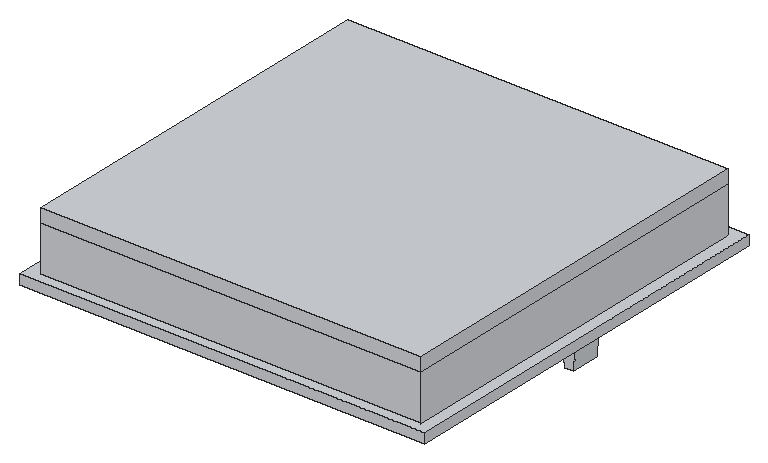
Revit family "Gira_029467", category Electrical Fixtures, host Face, Revit 2017
Family settings
  Host = Face
  Maintain Annotation Orientation = No
  Round Connector Dimension = Use Diameter
  Part Type = Normal
  Cut with Voids When Loaded = No
  Shared = No
  Room Calculation Point = No
Parameters (values of type "Rocker 2-g arrow sym. Gira TX_44 (WP FM) anthra.")
  With exchangeable lens/symbol = "No"
  URL = "http://katalog.gira.de/en/datenblatt.html?artikelnr=029467"
  Suitable for touch sensor connector for bus system = "No"
  Scannable symbol / barrier free = "No"
  Name = "Rocker 2-g arrow sym. Gira TX_44 (WP FM) anthra."
  Monitoring window/light outlet = "No"
  Model = "Two-part rocker"
  Manufacturer URL = "https://www.gira.de/"
  Manufacturer = "Gira"
  Keynote = ""
  HeinzeBIM = "https://bimportal.heinze.de/bim/rocker-2-g-arrow-sym-gira-tx-44-wp-fm-anthra-/c855ce0c9c2f58f4e64fdf1cd37baa500119a944"
  HAN = "029467"
  GTIN = "4010337294672"
  Description = "Rock.2g arrow sym. TX_44 AN,Rocker, 2-gang with arrow symbol,,anthracite,"
  Default Elevation = 1219.2 mm
  Data sheet (1) = "https://katalog.gira.de/en/download.html?artikelnr=029467"
  Category = "Control element/cover plate for domestic switching devices"
  BIM (1) = "https://media.stage.bim.site/public/gira/36a6b08/TX44_Abdeckung_Schalten und Tasten.rfa?public/gira/36a6b08/TX44_Abdeckung_Schalten und Tasten.rfa"
  Available = "No"
Reference planes
  plane 1 "Center (Front/Back)": y = 0
  plane 2: z = 0
  plane 3 "Center (Left/Right)": x = 0
Forms (mm)
  Extrusion 1, solid, detail levels fine
    sketch origin (0, 0, 0) x (1, 0, 0) y (0, 1, 0)
      loop
        line (34.85, 34.85) -> (-34.85, 34.85) -> (-34.85, -34.85) -> (34.85, -34.85) -> (34.85, 34.85)
      loop
        line (-31.45, 31.8) -> (-31.45, -31.8) -> (31.45, -31.8) -> (31.45, 31.8) -> (-31.45, 31.8)
    from 0 to 1.7
  Extrusion 2, solid, detail levels fine
    sketch origin (0, 0, 0) x (1, 0, 0) y (0, 1, 0)
      loop
        line (32.8, 33.05) -> (-32.8, 33.05) -> (-32.8, -33.05) -> (32.8, -33.05) -> (32.8, 33.05)
      loop
        line (-31.45, 31.8) -> (-31.45, -31.8) -> (31.45, -31.8) -> (31.45, 31.8) -> (-31.45, 31.8)
    from 1.566 to 9.515
  Extrusion 3, solid, detail levels fine
    sketch origin (0, 0, 0) x (1, 0, 0) y (0, 1, 0)
      loop
        line (32.8, 33.05) -> (-32.8, 33.05) -> (-32.8, -33.05) -> (32.8, -33.05) -> (32.8, 33.05)
    from 9.515 to 11.816
  Extrusion 4, solid, detail levels fine
    sketch origin (0, 0, 0) x (1, 0, 0) y (0, 0, 1)
      loop
        line (-32.815, 0) -> (-34.827, 0) -> (-34.611, -3.084) -> (-33.031, -3.084) -> (-32.815, 0)
      loop
        line (32.815, 0) -> (33.031, -3.084) -> (34.611, -3.084) -> (34.827, 0) -> (32.815, 0)
    from -2.513 to 2.5
  Extrusion 5, solid, detail levels fine
    sketch origin (0, 0, 0) x (1, 0, 0) y (0, 1, 0)
      loop
        spline (-23.686, 23.152) -> (-23.856, 23.114) -> (-24.022, 23.062) -> (-24.184, 22.995) -> (-24.338, 22.915) -> (-24.486, 22.821) -> (-24.624, 22.715) -> (-24.753, 22.597) -> (-24.87, 22.468) -> (-24.977, 22.33) -> (-25.07, 22.183) -> (-25.151, 22.028) -> (-25.218, 21.867)
        line (-25.218, 21.867) -> (-29.35, 10.513) -> (-29.35, -10.487) -> (-25.218, -21.841)
        spline (-25.218, -21.841) -> (-25.151, -22.002) -> (-25.07, -22.156) -> (-24.977, -22.304) -> (-24.87, -22.442) -> (-24.753, -22.571) -> (-24.624, -22.688) -> (-24.486, -22.795) -> (-24.338, -22.888) -> (-24.184, -22.969) -> (-24.022, -23.036) -> (-23.856, -23.088) -> (-23.686, -23.126)
        line (-23.686, -23.126) -> (0, -27.302) -> (23.686, -23.126)
        spline (23.686, -23.126) -> (23.856, -23.088) -> (24.022, -23.036) -> (24.184, -22.969) -> (24.338, -22.888) -> (24.486, -22.795) -> (24.624, -22.688) -> (24.753, -22.571) -> (24.87, -22.442) -> (24.977, -22.304) -> (25.07, -22.156) -> (25.151, -22.002) -> (25.218, -21.841)
        line (25.218, -21.841) -> (29.35, -10.487) -> (29.35, 10.513) -> (25.218, 21.867)
        spline (25.218, 21.867) -> (25.151, 22.028) -> (25.07, 22.183) -> (24.977, 22.33) -> (24.87, 22.468) -> (24.753, 22.597) -> (24.624, 22.715) -> (24.486, 22.821) -> (24.338, 22.915) -> (24.184, 22.995) -> (24.022, 23.062) -> (23.856, 23.114) -> (23.686, 23.152)
        line (23.686, 23.152) -> (0, 27.328) -> (-23.686, 23.152)
      loop
        line (-24.278, 21.525) -> (-28.35, 10.337) -> (-28.35, -10.311) -> (-24.278, -21.498)
        spline (-24.278, -21.498) -> (-24.245, -21.579) -> (-24.204, -21.656) -> (-24.157, -21.73) -> (-24.104, -21.799) -> (-24.045, -21.863) -> (-23.981, -21.922) -> (-23.912, -21.976) -> (-23.838, -22.022) -> (-23.761, -22.063) -> (-23.68, -22.096) -> (-23.597, -22.122) -> (-23.512, -22.141)
        line (-23.512, -22.141) -> (0, -26.287) -> (23.512, -22.141)
        spline (23.512, -22.141) -> (23.597, -22.122) -> (23.68, -22.096) -> (23.761, -22.063) -> (23.838, -22.022) -> (23.912, -21.976) -> (23.981, -21.922) -> (24.045, -21.863) -> (24.104, -21.799) -> (24.157, -21.73) -> (24.204, -21.656) -> (24.245, -21.579) -> (24.278, -21.498)
        line (24.278, -21.498) -> (28.35, -10.311) -> (28.35, 10.337) -> (24.278, 21.525)
        spline (24.278, 21.525) -> (24.245, 21.605) -> (24.204, 21.683) -> (24.157, 21.756) -> (24.104, 21.825) -> (24.045, 21.89) -> (23.981, 21.949) -> (23.912, 22.002) -> (23.838, 22.048) -> (23.761, 22.089) -> (23.68, 22.122) -> (23.597, 22.148) -> (23.512, 22.167)
        line (23.512, 22.167) -> (0, 26.313) -> (-23.512, 22.167)
        spline (-23.512, 22.167) -> (-23.597, 22.148) -> (-23.68, 22.122) -> (-23.761, 22.089) -> (-23.838, 22.048) -> (-23.912, 22.002) -> (-23.981, 21.949) -> (-24.045, 21.89) -> (-24.104, 21.825) -> (-24.157, 21.756) -> (-24.204, 21.683) -> (-24.245, 21.605) -> (-24.278, 21.525)
    from 4.866 to 9.515
  Extrusion 6, solid, detail levels fine
    sketch origin (0, 0, 0) x (1, 0, 0) y (0, 1, 0)
      loop
        arc (0, 8.51) -> (-1.055, 8.223) -> (-1.717, 7.352) r 1.7
        line (-1.717, 7.352) -> (-2.205, 5.894) -> (-2.205, 4.213) -> (-4.36, 4.213)
        arc (-4.36, 4.213) -> (-4.865, 4.091) -> (-5.257, 3.75) r 1.1
        arc (-5.257, 3.75) -> (-6.02, 2.328) -> (-6.406, 0.761) r 6.45
        arc (-6.406, 0.761) -> (-6.7, 0.013) -> (-6.406, -0.735) r 1.1
        arc (-6.406, -0.735) -> (-6.02, -2.302) -> (-5.257, -3.724) r 6.45
        arc (-5.257, -3.724) -> (-4.865, -4.064) -> (-4.36, -4.187) r 1.1
        line (-4.36, -4.187) -> (-2.1, -4.187) -> (-2.1, -5.243)
        arc (-2.1, -5.243) -> (-1.847, -5.944) -> (-1.206, -6.323) r 1.1
        arc (-1.206, -6.323) -> (0, -6.437) -> (1.206, -6.323) r 6.45
        arc (1.206, -6.323) -> (1.847, -5.944) -> (2.1, -5.243) r 1.1
        line (2.1, -5.243) -> (2.1, -4.187) -> (4.36, -4.187)
        arc (4.36, -4.187) -> (4.865, -4.064) -> (5.257, -3.724) r 1.1
        arc (5.257, -3.724) -> (6.02, -2.302) -> (6.406, -0.735) r 6.45
        arc (6.406, -0.735) -> (6.7, 0.013) -> (6.406, 0.761) r 1.1
        arc (6.406, 0.761) -> (6.02, 2.328) -> (5.257, 3.75) r 6.45
        arc (5.257, 3.75) -> (4.865, 4.091) -> (4.36, 4.213) r 1.1
        line (4.36, 4.213) -> (2.205, 4.213) -> (2.205, 5.894) -> (1.717, 7.352)
        arc (1.717, 7.352) -> (1.055, 8.223) -> (0, 8.51) r 1.7
    from -6.834 to 9.515
  Extrusion 7, solid, detail levels coarse
    sketch origin (0, 0, 0) x (1, 0, 0) y (0, 1, 0)
      loop
        line (34.85, 34.85) -> (-34.85, 34.85) -> (-34.85, -34.85) -> (34.85, -34.85) -> (34.85, 34.85)
    from -6.834 to 11.816
  Extrusion 8, solid, detail levels medium
    sketch origin (0, 0, 0) x (1, 0, 0) y (0, 1, 0)
      loop
        line (32.8, 33.05) -> (-32.8, 33.05) -> (-32.8, -33.05) -> (32.8, -33.05) -> (32.8, 33.05)
    from 1.566 to 11.816
  Extrusion 9, solid, detail levels medium
    sketch origin (0, 0, 0) x (1, 0, 0) y (0, 1, 0)
      loop
        line (34.85, 34.85) -> (-34.85, 34.85) -> (-34.85, -34.85) -> (34.85, -34.85) -> (34.85, 34.85)
    from 0 to 1.7
  Extrusion 10, solid, detail levels medium
    sketch origin (0, 0, 0) x (1, 0, 0) y (0, 1, 0)
      loop
        circle (0, 1.036) r 7.473
    from -6.834 to 9.515
  Extrusion 11, solid, detail levels medium
    sketch origin (0, 0, 0) x (1, 0, 0) y (0, 0, 1)
      loop
        line (-32.815, -3.084) -> (-32.815, 0) -> (-34.827, 0) -> (-34.827, -3.084) -> (-32.815, -3.084)
      loop
        line (32.815, -3.084) -> (34.827, -3.084) -> (34.827, 0) -> (32.815, 0) -> (32.815, -3.084)
    from -2.513 to 2.5
Dimensions and locks
  aligned and locked: plane 2 to host face
  aligned and locked: level to host face
